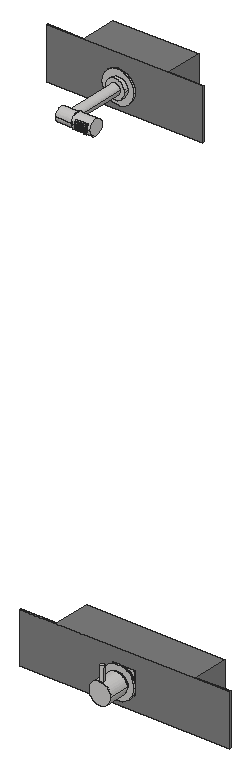
Revit family "281", category Plumbing Fixtures, Revit 2021
Family settings
  Round Connector Dimension = Use Diameter
  Part Type = Normal
  Work Plane-Based = No
  Always vertical = Yes
  Cut with Voids When Loaded = No
  Shared = No
  Room Calculation Point = No
Parameters
  e-mail = "info@vola.com"
  URL = "http://vola.com"
  Telephone = "+45 7023 5500"
  Shower Head Height = 2100.00 mm
  Quality management standard = "ISO 9001"
  Organisation no. / DUNS no. = "17531328"
  Occupational health and safety management standard = "ISO 18001"
  Mounting Instructions = "http://vola.com/service/producturl.ashx?name=281"
  Model = "281"
  Mixer Offset [instance] = 12.00 mm
  Mixer = yes
  Materials and components information = "http://vola.com/service/producturl.ashx?name=281"
  Manufacturer = "VOLA A/S"
  Maintenance Instructions = "http://vola.com/service/producturl.ashx?name=281"
  Handle Height = 1100.00 mm
  Guarantee = "2 years"
  Flow = "9,50 l/min"
  Environmental management standard = "ISO 14000"
  Default Elevation = 0.00 mm
  Connection - All relevant connections = "½\" for water connection"
  Approvals = "http://vola.com/service/producturl.ashx?name=281"
Reference planes
  plane 1 "Center (Front/Back)": y = 0
  plane 2: z = 0
  plane 3 "Center (Left/Right)": x = 0
  plane 4 "Mixer plane": y = 12
  plane 5: z = 1100
  plane 6: z = 2100
  plane 7 "Wall Surface": y = 0
Forms (mm)
  Extrusion 1, solid, material "Stainless Steel", visible <- "Mixer"
    sketch origin (-21, 11.3, 1121) x (-1, 0, 0) y (0, 0, -1)
      loop
        circle (-21, 21) r 19.5
    from 0 to 11.3
  Extrusion 2, solid, material "Stainless Steel", visible <- "Mixer"
    sketch origin (16.5, 11.5, 2100) x (0, 0, 1) y (-1, 0, 0)
      loop
        circle (0, 16.5) r 16.5
    from 0 to 11.5
Dimensions and locks
  "Mixer Offset": plane 4 "Mixer plane" to plane 1 "Center (Front/Back)"
  "Handle Height": plane 5 to plane 2
  "Shower Head Height": plane 6 to level
  aligned and locked: plane 2 to level
  aligned and locked: nested 3 to plane 4 "Mixer plane"
  aligned and locked: plane 1 "Center (Front/Back)" to nested 2
  aligned and locked: plane 1 "Center (Front/Back)" to Extrusion 1
  aligned and locked: plane 5 to nested 3
  aligned and locked: nested 4 to plane 5
  aligned and locked: plane 5 to nested 1
  aligned and locked: plane 6 to nested 2
  aligned and locked: plane 6 to nested 5
  aligned and locked: plane 1 "Center (Front/Back)" to Extrusion 2
Automatic sketch dimensions
  Extrusion 1 sketch curve to nested 3 = 21.00 mm  (x2)
  radius of Extrusion 1 sketch curve = 19.50 mm
  radius of Extrusion 2 sketch curve to nested 5 = 0.00 mm
Nested families
  nested 1: "NR28" at (0, -2, 1100), type "NR28"
  nested 2: "080" at (0, 0, 2100), type "080"
  nested 3: "200" at (0, 83.5, 1030), visible <- "Mixer", type "200"
  nested 4: "001" at (0, 0, 1100) x (1, 0, 0) z (0, -1, 0), type "001"
  nested 5: "200M" at (0, 12, 2100) x (1, 0, 0) z (0, 1, 0), visible <- "Mixer", type "200M"
Connectors
  piping at (27, 57.5, 1030), diameter 28
    settings: on nested 3, index 1, connector inside diameter 1.10236", connector length 0.00 mm, flow factor 0, pipe flow 0 GPM, pressure drop 0.00 psi, fitting loss kfactor 0, connector angle 0.00°, fixture units 0, engagement length 0.00 mm, angle of deflection 0.00°, flow configuration 0, flow direction 1, fitting loss method 0, system type 20, joint type 0, gender type 0, connector reference index -1, connector utility 0, adjustable connector no, is connector primary yes, connector description ""
  piping at (-27, 57.5, 1030), diameter 28
    settings: on nested 3, index 2, connector inside diameter 1.10236", connector length 0.00 mm, flow factor 0, pipe flow 0 GPM, pressure drop 0.00 psi, fitting loss kfactor 0, connector angle 0.00°, fixture units 0, engagement length 0.00 mm, angle of deflection 0.00°, flow configuration 0, flow direction 1, fitting loss method 0, system type 19, joint type 0, gender type 0, connector reference index -1, connector utility 0, adjustable connector no, is connector primary no, connector description ""
Definition of nested family "NR28"
  Parameters
    e-mail = "info@vola.com"
    URL = "http://vola.com"
    Telephone = "+45 7023 5500"
    Quality management standard = "ISO 9001"
    Organisation no. / DUNS no. = "17531328"
    Occupational health and safety management standard = "ISO 18001"
    Mounting Instructions = "http://vola.com/service/producturl.ashx?name=NR28"
    Model = "NR28"
    Materials and components information = "http://vola.com/service/producturl.ashx?name=NR28"
    Manufacturer = "VOLA A/S"
    Maintenance Instructions = "http://vola.com/service/producturl.ashx?name=NR28"
    Guarantee = "2 years"
    Environmental management standard = "ISO 14000"
    Default Elevation = 0.00 mm
    Connection - All relevant connections = ""
    Approvals = "http://vola.com/service/producturl.ashx?name=NR28"
  Reference planes
    plane 1 "Center (Front/Back)": y = 0
    plane 2: z = 0
    plane 3 "Center (Left/Right)": x = 0
  Forms (mm)
    Extrusion 1, solid
      sketch origin (0, 0, 0) x (1, 0, 0) y (0, 0, 1)
        loop
          circle (0, 0) r 20
      from 5 to 42.5
    Extrusion 2, solid
      sketch origin (0, -2.75, 0) x (0, -1, 0) y (1, 0, 0)
        loop
          circle (34.5, 0) r 3.5
      from 19 to 45.5
    Extrusion 3, solid
      sketch origin (0, 0, 0) x (1, 0, 0) y (0, 0, 1)
        loop
          circle (0, 0) r 18
      from 0 to 5
  Cuts and joins
    joined: Extrusion 1, Extrusion 2
  Lines and regions (mm)
    model lines
      curve 1: line (6.05, -42.5, 19.141) -> (6.05, -42.5, -19.141)
      curve 2: line (-6.05, -42.5, 19.141) -> (-6.05, -42.5, -19.141)
  Dimensions and locks
    aligned and locked: plane 2 to level
Definition of nested family "080"
  Parameters
    e-mail = "info@vola.com"
    URL = "http://vola.com"
    Telephone = "+45 7023 5500"
    Quality management standard = "ISO 9001"
    Organisation no. / DUNS no. = "17531328"
    Occupational health and safety management standard = "ISO 18001"
    Mounting Instructions = "http://vola.com/service/producturl.ashx?name=080"
    Model = "080"
    Materials and components information = "http://vola.com/service/producturl.ashx?name=080"
    Manufacturer = "VOLA A/S"
    Maintenance Instructions = "http://vola.com/service/producturl.ashx?name=080"
    Guarantee = "2 years"
    Flow = "14,00 l/min"
    Environmental management standard = "ISO 14000"
    Default Elevation = 0.00 mm
    Connection - All relevant connections = ""
    Approvals = "http://vola.com/service/producturl.ashx?name=080"
  Reference planes
    plane 1 "Center (Front/Back)": y = 0
    plane 2: z = 0
    plane 3 "Center (Left/Right)": x = 0
    plane 4: x = 42.5
  Forms (mm)
    Extrusion 1, solid
      sketch origin (0, -0.5, 0) x (1, 0, 0) y (0, 0, 1)
        loop
          circle (0, 0) r 30
      from -0.5 to 1.5
    Extrusion 2, solid
      sketch origin (0, -2, 0) x (1, 0, 0) y (0, 0, 1)
        loop
          circle (0, 0) r 18
      from 0 to 7
    Extrusion 3, solid
      sketch origin (0, -9, 0) x (1, 0, 0) y (0, 0, 1)
        loop
          circle (0, 0) r 9.5
      from 0 to 108
    Extrusion 4, solid
      sketch origin (0, 0.25, 0) x (0, 1, 0) y (0, 0, 1)
        loop
          circle (-116.5, 0) r 13
      from -15 to 15
    Extrusion 5, solid
      sketch origin (15, 0.25, 0) x (0, 1, 0) y (0, 0, 1)
        loop
          circle (-116.5, 0) r 13.75
      from 0 to 35
    Extrusion 6, solid
      sketch origin (9.158, -130.336, 4.898) x (0, 0.121869, 0.992546) y (-1, 0, 0)
        loop
          circle (-0.95, -33.342) r 1.25
        loop
          circle (-0.95, -28.342) r 1.25
        loop
          circle (-0.95, -23.342) r 1.25
        loop
          circle (-0.95, -18.342) r 1.25
        loop
          circle (-0.95, -13.342) r 1.25
      from 0 to -2
    Extrusion 7, solid
      sketch origin (-0.5, -128.863, 8.583) x (0, 0.241922, 0.970296) y (-1, 0, 0)
        loop
          circle (-0.95, -43) r 1.25
        loop
          circle (-0.95, -38) r 1.25
        loop
          circle (-0.95, -33) r 1.25
        loop
          circle (-0.95, -28) r 1.25
        loop
          circle (-0.95, -23) r 1.25
      from -0.25 to -2
    Extrusion 8, solid
      sketch origin (-0.5, -131.25, 0.95) x (0, 0, 1) y (-1, 0, 0)
        loop
          circle (-0.95, -43) r 1.25
        loop
          circle (-0.95, -38) r 1.25
        loop
          circle (-0.95, -33) r 1.25
        loop
          circle (-0.95, -28) r 1.25
        loop
          circle (-0.95, -23) r 1.25
      from -0.25 to -2
    Extrusion 9, solid
      sketch origin (9.158, -130.336, -4.898) x (0, 0.121869, -0.992546) y (1, 0, 0)
        loop
          circle (-0.95, 33.342) r 1.25
        loop
          circle (-0.95, 28.342) r 1.25
        loop
          circle (-0.95, 23.342) r 1.25
        loop
          circle (-0.95, 18.342) r 1.25
        loop
          circle (-0.95, 13.342) r 1.25
      from 0 to -2
    Extrusion 10, solid
      sketch origin (-0.5, -128.863, -8.583) x (0, 0.241922, -0.970296) y (1, 0, 0)
        loop
          circle (-0.95, 43) r 1.25
        loop
          circle (-0.95, 38) r 1.25
        loop
          circle (-0.95, 33) r 1.25
        loop
          circle (-0.95, 28) r 1.25
        loop
          circle (-0.95, 23) r 1.25
      from -0.25 to -2
  Cuts and joins
    joined: Extrusion 3, Extrusion 4
    joined: Extrusion 5, Extrusion 6, Extrusion 7, Extrusion 8, Extrusion 9, Extrusion 10
  Dimensions and locks
    aligned and locked: plane 2 to level
Definition of nested family "200"
  Parameters
    e-mail = "info@vola.com"
    URL = "http://vola.com"
    Telephone = "+45 7023 5500"
    Quality management standard = "ISO 9001"
    Organisation no. / DUNS no. = "17531328"
    Occupational health and safety management standard = "ISO 18001"
    Mounting Instructions = "http://vola.com/service/producturl.ashx?name=200"
    Model = "200"
    Materials and components information = "http://vola.com/service/producturl.ashx?name=200"
    Manufacturer = "VOLA A/S"
    Maintenance Instructions = "http://vola.com/service/producturl.ashx?name=200"
    Guarantee = "2 years"
    Flow = "18,00 l/min"
    Environmental management standard = "ISO 14000"
    Default Elevation = 0.00 mm
    Connection - All relevant connections = ""
    Approvals = "http://vola.com/service/producturl.ashx?name=200"
  Reference planes
    plane 1 "Center (Front/Back)": y = 0
    plane 2: z = 0
    plane 3 "Center (Left/Right)": x = 0
    plane 4 "Front Plane": y = -72.2
    plane 5 "Inlet Center Plane": y = -26
    plane 6: z = 70
  Forms (mm)
    Extrusion 1, solid
      sketch origin (1071.5, -3.5, 1) x (-1, 0, 0) y (0, 0, -1)
        loop
          line (1092.5, -90) -> (1092.5, -48) -> (1050.5, -48) -> (1050.5, -90) -> (1092.5, -90)
      from 68 to 68.7
    Extrusion 2, solid
      sketch origin (0, -1, 1) x (1, 0, 0) y (0, 1, 0)
        loop
          line (-127.5, 1) -> (-127.5, -68) -> (132.5, -68) -> (132.5, 1) -> (-127.5, 1)
      from 21.5 to 116.5
    Extrusion 3, solid
      sketch origin (0, -1, 22.5) x (0, 1, 0) y (1, 0, 0)
        loop
          circle (-25, 27) r 14
      from 0 to 22.5
    Extrusion 4, solid
      sketch origin (-54, -1, 22.5) x (0, 1, 0) y (1, 0, 0)
        loop
          circle (-25, 27) r 14
      from 0 to 22.5
    Extrusion 5, solid
      sketch origin (0, -1, 1) x (1, 0, 0) y (0, 1, 0)
        loop
          line (-195, -68) -> (-195, -70.5) -> (197.5, -70.5) -> (197.5, -68) -> (-195, -68)
      from 21.5 to 116.5
  Cuts and joins
    joined: Extrusion 2, Extrusion 5
  Lines and regions (mm)
    reference lines
      curve 1: line (0, -26, 70) -> (0, -123.5, 70)
      curve 2: line (-27, -26, 70) -> (-27, -26, -29)
      curve 3: line (27, -26, 70) -> (27, -26, -29)
  Dimensions and locks
    aligned and locked: plane 2 to level
    aligned and locked: plane 6 to curve 3
    aligned and locked: plane 6 to curve 2
    aligned and locked: Extrusion 2 to Extrusion 5
    aligned and locked: Extrusion 5 to Extrusion 2
Definition of nested family "001"
  Parameters
    e-mail = "info@vola.com"
    URL = "http://vola.com"
    Telephone = "+45 7023 5500"
    Quality management standard = "ISO 9001"
    Organisation no. / DUNS no. = "17531328"
    Occupational health and safety management standard = "ISO 18001"
    Mounting Instructions = "http://vola.com/service/producturl.ashx?name=001"
    Model = "001"
    Materials and components information = "http://vola.com/service/producturl.ashx?name=001"
    Manufacturer = "VOLA A/S"
    Maintenance Instructions = "http://vola.com/service/producturl.ashx?name=001"
    Guarantee = "2 years"
    Environmental management standard = "ISO 14000"
    Default Elevation = 1219.20 mm
    Connection - All relevant connections = ""
    Approvals = "http://vola.com/service/producturl.ashx?name=001"
  Reference planes
    plane 1 "Center (Front/Back)": y = 0
    plane 2: z = 0
    plane 3 "Center (Left/Right)": x = 0
  Forms (mm)
    Extrusion 1, solid
      sketch origin (0, 0, 0) x (1, 0, 0) y (0, 1, 0)
        loop
          circle (0, 0) r 16.5
        loop
          circle (0, 0) r 30
      from 0 to 2
  Dimensions and locks
    aligned and locked: plane 2 to level
Definition of nested family "200M"
  Parameters
    e-mail = "info@vola.com"
    URL = "http://vola.com"
    Telephone = "+45 7023 5500"
    Quality management standard = "ISO 9001"
    Organisation no. / DUNS no. = "17531328"
    Occupational health and safety management standard = "ISO 18001"
    Mounting Instructions = "http://vola.com/service/producturl.ashx?name=200M"
    Model = "200M"
    Materials and components information = "http://vola.com/service/producturl.ashx?name=200M"
    Manufacturer = "VOLA A/S"
    Maintenance Instructions = "http://vola.com/service/producturl.ashx?name=200M"
    Guarantee = "2 years"
    Environmental management standard = "ISO 14000"
    Default Elevation = 1219.20 mm
    Connection - All relevant connections = ""
    Approvals = "http://vola.com/service/producturl.ashx?name=200M"
  Reference planes
    plane 1 "Center (Front/Back)": y = 0
    plane 2: z = 0
    plane 3 "Center (Left/Right)": x = 0
  Forms (mm)
    Extrusion 1, solid
      sketch origin (0, 69, 70.5) x (1, 0, 0) y (0, 0, 1)
        loop
          line (-77.5, 1) -> (-77.5, -68) -> (82.5, -68) -> (82.5, 1) -> (-77.5, 1)
      from 21.5 to 116.5
    Extrusion 2, solid
      sketch origin (0, 69, 70.5) x (1, 0, 0) y (0, 0, 1)
        loop
          line (-145, -68) -> (-145, -70.5) -> (147.5, -70.5) -> (147.5, -68) -> (-145, -68)
      from 21.5 to 116.5
    Extrusion 3, solid
      sketch origin (1071.5, 69, 68) x (0, 1, 0) y (1, 0, 0)
        loop
          circle (-69, -1071.5) r 16.5
      from 68 to 68.5
  Cuts and joins
    joined: Extrusion 1, Extrusion 2
  Lines and regions (mm)
    reference lines
      curve 1: line (0, 0, -0.5) -> (0, 0, -20.5)
      curve 2: line (0, 0, 27.5) -> (0, -99, 27.5)
      curve 3: line (0, 0, 38) -> (0, 99, 38)
  Dimensions and locks
    aligned and locked: plane 2 to level
    aligned and locked: Extrusion 2 to Extrusion 1  (x2)
